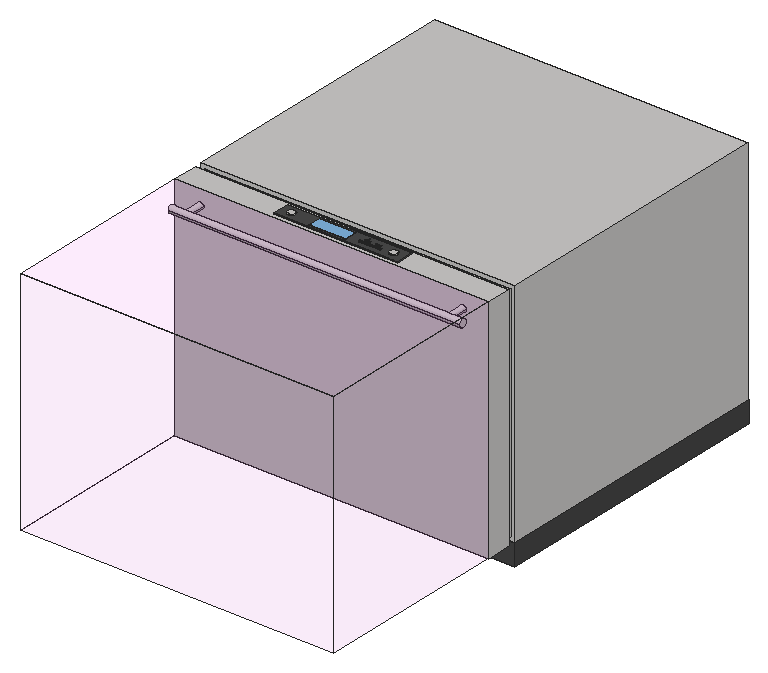
Revit family "QF_Summit_FF1DSS_Refrigerated Drawer", category Specialty Equipment, Revit 2020
Family settings
  Round Connector Dimension = Use Diameter
  Part Type = Normal
  Work Plane-Based = No
  Always vertical = Yes
  Cut with Voids When Loaded = No
  Shared = No
  Room Calculation Point = No
Parameters
  Weight in Pounds = 53
  Watts = Volts * FL Amps  # 115 W
  Volts = 115 V
  URL Cutsheet = ""
  Specification by User = ""
  Specification by Manufacturer = ""
  Show Door Clearance [instance] = yes
  Serial Number = ""
  Seismic Rating = ""
  SMACNA No = ""
  Revision Code = ""
  Phase = 1
  Number of Poles = 1
  NAFEM Spec ID Number = ""
  Model = "FF1DSS"
  Min Ckt Ampacity = 0 A
  Max Overcurrent Protection = 0 A
  Masterspec = ""
  Manufacturer = "Summit"
  Length = 21 1/2"
  Item Number = ""
  Installed By = ""
  Identify Quantity as Lot = yes
  Height = 17 3/4"
  HP = ""
  Furnished By = ""
  Foodservice Equipment Identifier = yes
  FL Amps = 1 A
  Electrical Remarks = ""
  Electric Connection Type = ""
  Elec Conn RI Height = 0"
  Elec Conn Connection Height = 0"
  Description = "Refrigerated Drawer"
  Depth = 22 1/4"
  Default Elevation = 0"
  Cycle = 60 Hz
  Conn Plug = ""
  Conn Conduit = yes
  CSI MasterFormat = ""
  Apparent Power = if(Phase = 3, Volts * FL Amps * 1.73, Volts * FL Amps)  # 115 VA
Reference planes (in)
  plane 1 "BACK": y = 0
  plane 2: z = 0
  plane 3 "LEFT": x = 0
  plane 4 "RIGHT": x = 21.5
  plane 5 "FRONT": y = -22.25
  plane 6 "TOP": z = 17.75
  plane 7 "Center Y": x = 10.75
  plane 8 "Center X": y = -11.125
  plane 9: y = -23.75
  plane 10: y = -20.5
  plane 11: y = -20
  plane 12: y = -34
  plane 13: z = 11.625
  plane 14: z = 0.5
  plane 15: z = 16.5
  plane 16: x = 0.75
  plane 17: x = 20.75
  plane 18: y = -35.5
  plane 19: z = 2
  plane 20: z = 2.25
Forms (in)
  Extrusion 1, solid, material "QF_Metal_Stainless_Polished"
    sketch origin (-2.86665, -180, 2) x (-1, 0, 0) y (0, -1, 0)
      loop
        line (-2.86665, -180) -> (-2.86665, -160) -> (-24.36665, -160) -> (-24.36665, -180) -> (-2.86665, -180)
    from 0 to 15.75
  Extrusion 2, solid, material "QF_Metal_Stainless_Polished"
    sketch origin (-3.88911, -20.5, 48) x (-1, 0, 0) y (0, 0, 1)
      loop
        line (-3.88911, -30.25) -> (-25.38911, -30.25) -> (-25.38911, -46) -> (-3.88911, -46) -> (-3.88911, -30.25)
    from 0 to -1.75
  Extrusion 3, solid, material "QF_Metal_Stainless_Polished"
    sketch origin (20.75, -20, 2) x (-1, 0, 0) y (0, 0, -1)
      loop
        line (20.5, -0.25) -> (-0.5, -0.25) -> (-0.5, -15.5) -> (20.5, -15.5) -> (20.5, -0.25)
    from 0 to 0.5
  Extrusion 4, solid, material "QF_Metal_Stainless_Polished"
    sketch origin (-3.88911, -22.25, 48) x (1, 0, 0) y (0, 0, 1)
      loop
        circle (5.63911, -31.25) r 0.20266
      loop
        circle (23.63911, -31.25) r 0.20266
    from 0 to 1.25652
  Extrusion 5, solid, material "QF_Metal_Stainless_Polished"
    sketch origin (0.75, -47.3363, 53.6021) x (0, -1, 0) y (0, 0, 1)
      loop
        circle (-23.8363, -36.8521) r 0.25
    from 0 to -20
  Extrusion 6, solid, material "QF_Plastic_Black_Smooth"
    sketch origin (21.5, -20.5, 17.75) x (-1, 0, 0) y (0, -1, 0)
      loop
        line (15.00192, 1.40992) -> (6.49808, 1.40992) -> (6.49808, 0.21157) -> (15.00192, 0.21157) -> (15.00192, 1.40992)
    from 0 to 0.0625
  Extrusion 7, solid, material "QF_Metal_Stainless_Polished"
    sketch origin (21.5, -20.5, 17.8125) x (-1, 0, 0) y (0, -1, 0)
      loop
        line (9.17122, 0.49388) -> (9.17122, 0.63945) -> (9.31897, 0.63945) -> (9.31897, 0.67193) -> (9.17122, 0.67193) -> (9.17122, 0.8217) -> (9.13246, 0.8217) -> (9.13246, 0.67193) -> (8.98583, 0.67193) -> (8.98583, 0.63945) -> (9.13246, 0.63945) -> (9.13246, 0.49388) -> (9.17122, 0.49388)
      loop
        circle (14.25192, 0.81074) r 0.25
      loop
        line (9.51401, 0.86345) -> (9.51401, 0.98845) -> (8.01401, 0.98845) -> (8.01401, 0.86345) -> (9.51401, 0.86345)
      loop
        line (8.23583, 0.63945) -> (8.56897, 0.63945) -> (8.56897, 0.67193) -> (8.23583, 0.67193) -> (8.23583, 0.63945)
      loop
        circle (7.25192, 0.81074) r 0.25
    from 0 to 0.03125
  Extrusion 8, solid, material "QF_Metal_Stainless_Polished"
    sketch origin (15.02063, 0, -1.08874) x (1, 0, 0) y (0, 0, -1)
      loop
        circle (2.9375, -2.32704) r 0.25
    from 0 to 0.0625
  Extrusion 9, solid, material "QF_Clearances_Door_Drawer", visible <- "Show Door Clearance"
    sketch origin (-3.88911, -22.25, 48) x (1, 0, 0) y (0, 0, 1)
      loop
        line (3.88911, -30.25) -> (3.88911, -46) -> (25.38911, -46) -> (25.38911, -30.25) -> (3.88911, -30.25)
    from 0 to 13.25
  Extrusion 10, solid, material "QF_Metallic_Paint_Black_Smooth"
    sketch origin (0, 0, 0) x (1, 0, 0) y (0, 0, 1)
      loop
        line (0, 2) -> (0, 0.5) -> (21.5, 0.5) -> (21.5, 2) -> (0, 2)
    from 0 to 19.75
  Extrusion 11, solid, material "QF_Metallic_Paint_Black_Smooth"
    sketch origin (-3.88911, -20, 48) x (-1, 0, 0) y (0, 0, 1)
      loop
        line (-3.88911, -46) -> (-25.38911, -46) -> (-25.38911, -47.5) -> (-3.88911, -47.5) -> (-3.88911, -46)
      loop
        line (-5.32434, -46.32336) -> (-6.82661, -46.32336) -> (-6.82661, -46.57336) -> (-5.32434, -46.57336) -> (-5.32434, -46.32336)
      loop
        line (-7.21328, -46.32336) -> (-8.71555, -46.32336) -> (-8.71555, -46.57336) -> (-7.21328, -46.57336) -> (-7.21328, -46.32336)
      loop
        line (-9.10222, -46.32336) -> (-10.60449, -46.32336) -> (-10.60449, -46.57336) -> (-9.10222, -46.57336) -> (-9.10222, -46.32336)
      loop
        line (-5.32434, -47.17664) -> (-5.32434, -46.92664) -> (-6.82661, -46.92664) -> (-6.82661, -47.17664) -> (-5.32434, -47.17664)
      loop
        line (-7.21328, -47.17664) -> (-7.21328, -46.92664) -> (-8.71555, -46.92664) -> (-8.71555, -47.17664) -> (-7.21328, -47.17664)
      loop
        line (-9.10222, -47.17664) -> (-9.10222, -46.92664) -> (-10.60449, -46.92664) -> (-10.60449, -47.17664) -> (-9.10222, -47.17664)
      loop
        line (-23.95388, -46.32336) -> (-23.95388, -46.57336) -> (-22.45161, -46.57336) -> (-22.45161, -46.32336) -> (-23.95388, -46.32336)
      loop
        line (-22.06494, -46.32336) -> (-22.06494, -46.57336) -> (-20.56267, -46.57336) -> (-20.56267, -46.32336) -> (-22.06494, -46.32336)
      loop
        line (-20.176, -46.32336) -> (-20.176, -46.57336) -> (-18.67373, -46.57336) -> (-18.67373, -46.32336) -> (-20.176, -46.32336)
      loop
        line (-23.95388, -47.17664) -> (-22.45161, -47.17664) -> (-22.45161, -46.92664) -> (-23.95388, -46.92664) -> (-23.95388, -47.17664)
      loop
        line (-22.06494, -47.17664) -> (-20.56267, -47.17664) -> (-20.56267, -46.92664) -> (-22.06494, -46.92664) -> (-22.06494, -47.17664)
      loop
        line (-20.176, -47.17664) -> (-18.67373, -47.17664) -> (-18.67373, -46.92664) -> (-20.176, -46.92664) -> (-20.176, -47.17664)
    from 0 to 0.25
  Extrusion 12, solid, material "QF_Paint_Sky_Blue_Glossy"
    sketch origin (22.5, -20.5, 17.8125) x (-1, 0, 0) y (0, -1, 0)
      loop
        line (13.70548, 0.36782) -> (13.70548, 1.25367) -> (11.20851, 1.25367) -> (11.20851, 0.36782) -> (13.70548, 0.36782)
    from 0 to 0.01563
  Revolve 13, solid, material "QF_Metallic_Paint_Black_Smooth"
    sketch origin (0, -2, 0) x (1, 0, 0) y (0, 0, 1)
      loop
        line (0.75, 0) -> (1.5, 0) -> (1.5, 0.5) -> (1.25, 0.5) -> (1.25, 0.25) -> (0.75, 0.25) -> (0.75, 0)
      axis (1.5, 0.5) -> (1.5, 0)
    angle from 0 to 360
  Revolve 14, solid, material "QF_Metallic_Paint_Black_Smooth"
    sketch origin (0, -18, 0) x (1, 0, 0) y (0, 0, 1)
      loop
        line (0.75, 0) -> (1.5, 0) -> (1.5, 0.5) -> (1.25, 0.5) -> (1.25, 0.25) -> (0.75, 0.25) -> (0.75, 0)
      axis (1.5, 0.5) -> (1.5, 0)
    angle from 0 to 360
  Revolve 15, solid, material "QF_Metallic_Paint_Black_Smooth"
    sketch origin (21.5, -2, 0) x (-1, 0, 0) y (0, 0, -1)
      loop
        line (0.75, 0) -> (0.75, -0.25) -> (1.25, -0.25) -> (1.25, -0.5) -> (1.5, -0.5) -> (1.5, 0) -> (0.75, 0)
      axis (1.5, -0.5) -> (1.5, 0)
    angle from 0 to 360
  Revolve 16, solid, material "QF_Metallic_Paint_Black_Smooth"
    sketch origin (21.5, -18, 0) x (-1, 0, 0) y (0, 0, -1)
      loop
        line (0.75, 0) -> (0.75, -0.25) -> (1.25, -0.25) -> (1.25, -0.5) -> (1.5, -0.5) -> (1.5, 0) -> (0.75, 0)
      axis (1.5, -0.5) -> (1.5, 0)
    angle from 0 to 360
Cuts and joins
  joined: Extrusion 4, Extrusion 5
  joined: Extrusion 10, Extrusion 11
Lines and regions (in)
  symbolic lines
    curve 1: line (0, 0, 0) -> (21.5, 0, 0)
    curve 2: line (0, -20, 0) -> (0, 0, 0)
    curve 3: line (21.5, -20, 0) -> (0, -20, 0)
    curve 4: line (21.5, 0, 0) -> (21.5, -20, 0)
    curve 5: line (21.25, -20.5, 0) -> (21.25, -20, 0)
    curve 6: line (0.25, -20, 0) -> (0.25, -20.5, 0)
    curve 7: line (0, -20.5, 0) -> (21.5, -20.5, 0)
    curve 8: line (0, -22.25, 0) -> (0, -20.5, 0)
    curve 9: line (21.5, -22.25, 0) -> (0, -22.25, 0)
    curve 10: line (21.5, -20.5, 0) -> (21.5, -22.25, 0)
    curve 11: line (6.49808, -20.71157, 0) -> (15.00192, -20.71157, 0)
    curve 12: line (6.49808, -21.90992, 0) -> (6.49808, -20.71157, 0)
    curve 13: line (15.00192, -21.90992, 0) -> (6.49808, -21.90992, 0)
    curve 14: line (15.00192, -20.71157, 0) -> (15.00192, -21.90992, 0)
    curve 15: arc (7.49808, -21.31074, 0) -> (7.24808, -21.06074, 0) -> (6.99808, -21.31074, 0) r 0.25
    curve 16: arc (6.99808, -21.31074, 0) -> (7.24808, -21.56074, 0) -> (7.49808, -21.31074, 0) r 0.25
    curve 17: line (8.79452, -20.86782, 0) -> (8.79452, -21.75367, 0)
    curve 18: line (8.79452, -21.75367, 0) -> (11.29149, -21.75367, 0)
    curve 19: line (11.29149, -21.75367, 0) -> (11.29149, -20.86782, 0)
    curve 20: line (11.29149, -20.86782, 0) -> (8.79452, -20.86782, 0)
    curve 21: line (11.98599, -21.48845, 0) -> (13.48599, -21.48845, 0)
    curve 22: line (13.48599, -21.48845, 0) -> (13.48599, -21.36345, 0)
    curve 23: line (13.48599, -21.36345, 0) -> (11.98599, -21.36345, 0)
    curve 24: line (11.98599, -21.36345, 0) -> (11.98599, -21.48845, 0)
    curve 25: line (12.36754, -21.3217, 0) -> (12.36754, -21.17193, 0)
    curve 26: line (12.36754, -21.17193, 0) -> (12.51417, -21.17193, 0)
    curve 27: line (12.51417, -21.17193, 0) -> (12.51417, -21.13945, 0)
    curve 28: line (12.51417, -21.13945, 0) -> (12.36754, -21.13945, 0)
    curve 29: line (12.36754, -21.13945, 0) -> (12.36754, -20.99388, 0)
    curve 30: line (12.36754, -20.99388, 0) -> (12.32878, -20.99388, 0)
    curve 31: line (12.32878, -20.99388, 0) -> (12.32878, -21.13945, 0)
    curve 32: line (12.32878, -21.13945, 0) -> (12.18103, -21.13945, 0)
    curve 33: line (12.18103, -21.13945, 0) -> (12.18103, -21.17193, 0)
    curve 34: line (12.18103, -21.17193, 0) -> (12.32878, -21.17193, 0)
    curve 35: line (12.32878, -21.17193, 0) -> (12.32878, -21.3217, 0)
    curve 36: line (12.32878, -21.3217, 0) -> (12.36754, -21.3217, 0)
    curve 37: line (12.93103, -21.17193, 0) -> (13.26417, -21.17193, 0)
    curve 38: line (13.26417, -21.17193, 0) -> (13.26417, -21.13945, 0)
    curve 39: line (13.26417, -21.13945, 0) -> (12.93103, -21.13945, 0)
    curve 40: line (12.93103, -21.13945, 0) -> (12.93103, -21.17193, 0)
    curve 41: arc (14.49808, -21.31074, 0) -> (14.24808, -21.06074, 0) -> (13.99808, -21.31074, 0) r 0.25
    curve 42: arc (13.99808, -21.31074, 0) -> (14.24808, -21.56074, 0) -> (14.49808, -21.31074, 0) r 0.25
  symbolic lines, style "QF_Clearances_Door_Drawer", visible <- "Show Door Clearance"
    curve 43: line (0, -22.25, 0) -> (0, -35.5, 0)
    curve 44: line (0, -35.5, 0) -> (21.5, -35.5, 0)
    curve 45: line (21.5, -35.5, 0) -> (21.5, -22.25, 0)
Dimensions and locks (in)
  equal spacing: plane 3 "LEFT", plane 7 "Center Y", plane 4 "RIGHT"
  "Length": plane 3 "LEFT" to plane 4 "RIGHT"
  equal spacing: plane 5 "FRONT", plane 8 "Center X", plane 1 "BACK"
  "Depth": plane 5 "FRONT" to plane 1 "BACK"
  "Height": plane 6 "TOP" to level
  plane 5 "FRONT" to plane 9 = 1 1/2"
  plane 10 to plane 5 "FRONT" = 1 3/4"
  plane 1 "BACK" to plane 11 = 20"
  plane 1 "BACK" to plane 12 = 34"
  plane 16 to plane 17 = 20"
  plane 12 to plane 18 = 1 1/2"
  plane 14 to plane 2 = 1/2"
  plane 19 to plane 14 = 1 1/2"
  plane 6 "TOP" to plane 20 = 15 1/2"
  plane 6 "TOP" to plane 15 = 1 1/4"
  aligned and locked: level to plane 2
Automatic sketch dimensions
  plane 1 "BACK" to Extrusion 1 sketch curve = 0"
  Extrusion 1 sketch curve to plane 4 "RIGHT" = 0"
  Extrusion 1 sketch curve to plane 3 "LEFT" = 0"
  Extrusion 1 sketch curve to plane 11 = 0"
  plane 4 "RIGHT" to Extrusion 2 sketch curve = 0"
  Extrusion 2 sketch curve to plane 3 "LEFT" = 0"
  Extrusion 2 sketch curve to plane 19 = 0"
  Extrusion 2 sketch curve to plane 6 "TOP" = 0"
  Extrusion 3 sketch curve to Extrusion 1 = 1/4"
  Extrusion 1 to Extrusion 3 sketch curve = 1/4"  (x3)
  Extrusion 4 sketch curve to Extrusion 2 = 1 3/4"  (x2)
  Extrusion 4 sketch curve to Extrusion 2 = 1"  (x2)
  plane 9 to Extrusion 5 sketch curve = 1/4"
  plane 15 to Extrusion 5 sketch curve = 1/4"
  Extrusion 6 sketch curve to plane 5 "FRONT" = 0.34008"
  plane 7 "Center Y" to Extrusion 6 sketch curve = 4.25192"
  Extrusion 6 sketch curve to plane 10 = 0.21157"
  Extrusion 7 sketch curve to Extrusion 6 = 0.75383"
  Extrusion 7 sketch curve to Extrusion 7 sketch curve = 0.7621"
  Extrusion 7 sketch curve to Extrusion 7 sketch curve = 0.22182"
  Extrusion 7 sketch curve to Extrusion 7 sketch curve = 0.33314"
  Extrusion 7 sketch curve to Extrusion 7 sketch curve = 0.41686"
  Extrusion 7 sketch curve to Extrusion 7 sketch curve = 0.14663"
  Extrusion 7 sketch curve to Extrusion 7 sketch curve = 0"  (x3)
  Extrusion 7 sketch curve to Extrusion 7 sketch curve = 0.03876"
  Extrusion 7 sketch curve to Extrusion 7 sketch curve = 0.14775"
  Extrusion 7 sketch curve to Extrusion 7 sketch curve = 0.19504"
  Extrusion 7 sketch curve to Extrusion 6 = 3/4"
  Extrusion 7 sketch curve to Extrusion 6 = 0.28231"
  Extrusion 7 sketch curve to Extrusion 7 sketch curve = 0.14557"
  Extrusion 7 sketch curve to Extrusion 6 = 0.42788"
  Extrusion 7 sketch curve to Extrusion 7 sketch curve = 0.03248"  (x3)
  Extrusion 7 sketch curve to Extrusion 6 = 0.59917"  (x2)
  Extrusion 7 sketch curve to Extrusion 7 sketch curve = 0.14977"
  Extrusion 7 sketch curve to Extrusion 7 sketch curve = 0.19152"
  Extrusion 7 sketch curve to Extrusion 7 sketch curve = 1/8"
  plane 14 to Extrusion 8 sketch curve = 189/256"
  Extrusion 8 sketch curve to plane 17 = 2.79187"
  Extrusion 2 to Extrusion 9 sketch curve = 0"
  Extrusion 9 sketch curve to Extrusion 2 = 0"  (x3)
  Extrusion 10 sketch curve to plane 3 "LEFT" = 0"
  plane 4 "RIGHT" to Extrusion 10 sketch curve = 0"
  Extrusion 10 sketch curve to plane 14 = 0"
  Extrusion 10 sketch curve to plane 19 = 0"
  plane 4 "RIGHT" to Extrusion 11 sketch curve = 0"
  Extrusion 11 sketch curve to plane 3 "LEFT" = 0"
  Extrusion 11 sketch curve to plane 14 = 0"
  Extrusion 11 sketch curve to plane 19 = 0"
  Extrusion 11 sketch curve to plane 17 = 0.68523"
  Extrusion 11 sketch curve to Extrusion 11 sketch curve = 0"  (x11)
  Extrusion 11 sketch curve to plane 19 = 0.57336"  (x2)
  Extrusion 11 sketch curve to Extrusion 11 sketch curve = 1.50227"  (x5)
  Extrusion 11 sketch curve to Extrusion 11 sketch curve = 0.38667"  (x5)
  plane 14 to Extrusion 11 sketch curve = 0.32336"  (x6)
  plane 14 to Extrusion 11 sketch curve = 0.57336"
  Extrusion 11 sketch curve to plane 16 = 0.68523"
  Extrusion 11 sketch curve to Extrusion 11 sketch curve = 1/4"  (x11)
  Extrusion 11 sketch curve to Extrusion 11 sketch curve = 0.35328"  (x4)
  Extrusion 12 sketch curve to Extrusion 6 = 5/32"  (x2)
  Extrusion 12 sketch curve to Extrusion 6 = 3.71042"
  Extrusion 12 sketch curve to Extrusion 6 = 2.29644"
  plane 16 to Revolve 13 sketch curve = 0"
  Revolve 13 sketch curve to plane 14 = 0"
  Revolve 13 sketch curve to level = 0"  (x2)
  Revolve 13 sketch curve to plane 16 = 1/2"
  Revolve 13 sketch curve to Revolve 13 sketch curve = 1/4"  (x2)
  Revolve 13 sketch curve to Revolve 13 sketch curve = 0"
  Revolve 13 sketch curve to level = 1/2"
  plane 16 to Revolve 14 sketch curve = 0"
  Revolve 14 sketch curve to plane 14 = 0"
  Revolve 14 sketch curve to level = 0"  (x2)
  Revolve 14 sketch curve to plane 16 = 1/2"
  Revolve 14 sketch curve to Revolve 14 sketch curve = 1/4"  (x2)
  Revolve 14 sketch curve to Revolve 14 sketch curve = 0"
  Revolve 14 sketch curve to level = 1/2"
  Revolve 15 sketch curve to plane 17 = 0"
  Revolve 15 sketch curve to plane 14 = 0"
  Revolve 15 sketch curve to level = 0"  (x2)
  Revolve 15 sketch curve to plane 17 = 1/2"
  Revolve 15 sketch curve to Revolve 15 sketch curve = 1/4"  (x2)
  Revolve 15 sketch curve to Revolve 15 sketch curve = 0"
  Revolve 15 sketch curve to Revolve 15 sketch curve = 1/2"
  Revolve 16 sketch curve to plane 17 = 0"
  Revolve 16 sketch curve to plane 14 = 0"
  Revolve 16 sketch curve to level = 0"  (x2)
  Revolve 16 sketch curve to plane 17 = 1/2"
  Revolve 16 sketch curve to Revolve 16 sketch curve = 1/4"  (x2)
  Revolve 16 sketch curve to Revolve 16 sketch curve = 0"
  Revolve 16 sketch curve to Revolve 16 sketch curve = 1/2"
  Extrusion 6 sketch curve to plane 7 "Center Y" = 4.25192"
  Extrusion 11 sketch curve to plane 7 "Center Y" = 4.03462"
  plane 1 "BACK" to curve 1 = 0"
  curve 1 to plane 3 "LEFT" = 0"
  curve 44 to plane 3 "LEFT" = 0"
  curve 6 to plane 11 = 0"
  curve 6 to plane 10 = 0"
  curve 4 to plane 4 "RIGHT" = 0"
  curve 7 to plane 4 "RIGHT" = 0"
  curve 45 to plane 18 = 0"
  plane 5 "FRONT" to curve 43 = 0"
  curve 13 to plane 5 "FRONT" = 0.34008"
  curve 13 to plane 7 "Center Y" = 4.25192"
  curve 12 to curve 16 = 3/4"
  curve 20 to plane 10 = 0.36782"
  curve 15 to curve 20 = 1.54644"
  plane 7 "Center Y" to curve 18 = 0.54149"
  curve 18 to curve 24 = 0.6945"
  curve 23 to curve 34 = 0.19504"
  curve 33 to curve 35 = 0.14775"
  curve 32 to curve 34 = 0"
  curve 35 to curve 36 = 0.03876"
  curve 30 to curve 30 = 0.03876"
  curve 28 to curve 28 = 0.14663"
  curve 26 to curve 40 = 0.41686"
  curve 37 to curve 38 = 0.33314"
  curve 37 to curve 23 = 0.22182"
  curve 22 to curve 41 = 0.7621"
  curve 11 to plane 10 = 0.21157"
  curve 41 to curve 11 = 0.75383"
  curve 19 to plane 5 "FRONT" = 0.49633"
  curve 18 to curve 24 = 0.26522"
  curve 21 to curve 24 = 1/8"
  curve 23 to curve 25 = 0.04174"
  curve 16 to plane 10 = 0.81074"
  curve 22 to curve 42 = 0.0527"
  curve 25 to curve 37 = 0.14977"
  curve 25 to curve 26 = 0.14977"
  curve 34 to curve 25 = 0"
  curve 37 to curve 39 = 0.03248"
  curve 26 to curve 27 = 0.03248"
  curve 33 to curve 33 = 0.03248"
  curve 31 to curve 31 = 0.14557"
  plane 3 "LEFT" to curve 6 = 1/4"
  curve 15 to curve 15 = 1/4"
  curve 42 to curve 41 = 1/4"
  curve 5 to curve 7 = 1/4"
  radius of Extrusion 4 sketch curve = 0.20266"  (x2)
  radius of Extrusion 5 sketch curve = 1/4"
  radius of Extrusion 7 sketch curve = 1/4"  (x2)
  radius of Extrusion 8 sketch curve = 1/4"
Connectors (in)
  electrical at (17.95813, 0.0625, 1.2383), driven by "Volts", driven by "Watts"
    settings: on Extrusion 8, index 1, voltage 115 V, apparent load 115 VA, apparent load phase1 0 VA, apparent load phase2 0 VA, apparent load phase3 0 VA, power factor 1, load classification "Other", number of poles 1, system type 30, power factor state 1, is connector primary yes, connector utility no, sub classification motor no, connector description "Electrical Connection"
